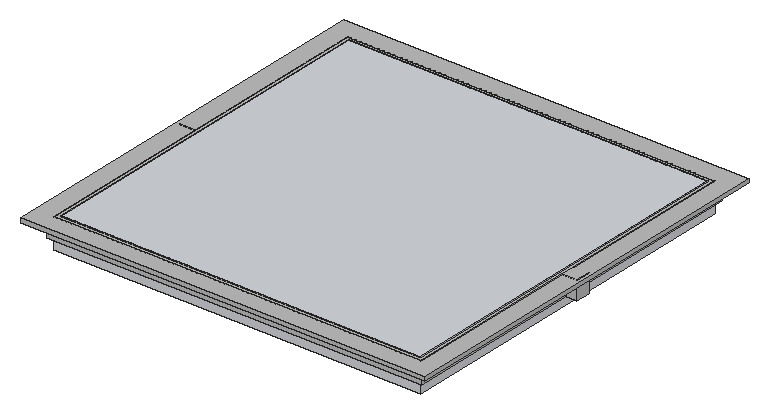
Revit family "Door_Access_Floor_Acudor_FT-8080-LiftOut", category Generic Models, host Face, Revit 2020
Family settings
  Host = Face
  Can host rebar = No
  Round Connector Dimension = Use Diameter
  Part Type = Normal
  Cut with Voids When Loaded = No
  Shared = No
  Room Calculation Point = No
Parameters (values of type "24 x 24 Nom for Tile or Concrete")
  halfswing = (Door Width / 2)  # 1' - 0 3/8"
  Warranty Duration (Years) = 0
  Unit Width = 2' - 0 3/4"
  Unit Weight = 36
  Unit Height = 2' - 0 3/4"
  Unit Depth = 0' - 2"
  URL = "http://www.acudor.com/"
  Test Data = ""
  Standards Conformance = "as Specified"
  Specification = ""
  SpecWizard = ""
  Send Message = ""
  Sales Information = "http://www.acudor.com/contactus"
  Revision = "R1_2017-03"
  Product Properties = ""
  Product Data = "http://www.arcat.com/arcatcos/cos30/arc30126.html"
  Overall Width = 2' - 3 1/4"
  Overall Height = 2' - 3 1/4"
  Opening Width = Unit Width  # 2' - 0 3/4"
  Opening Height = Unit Height  # 2' - 0 3/4"
  Opening Depth [instance] = 1' - 0"
  Model = "FT-8080-1"
  Manufacturer Website = "http://www.acudor.com/"
  Manufacturer Phone - Toll Free = "800-722-0501"
  Manufacturer Phone = "973-575-5120"
  Manufacturer Fax = "973-575-5160"
  Manufacturer Address = "80 Little Falls Rd.  Fairfield, NJ 07004"
  Manufacturer = "Acudor Products Inc"
  Maintenance Schedule (Months) = 0
  Keynote = ""
  Installation-Fabrication = ""
  Installation Phase = ""
  Green Building-LEED = "http://www.arcat.com/green/clients/leed_data_30126.html"
  Floor Material [instance] = none
  Fixture Finish [instance] = Metal - Acudor - Aluminum
  Expected Lifespan (Years) = 0
  Drawn By = "Sumex Design, Inc. / Robert S. Weygant, CSI, CDT, SCIP"
  Door Width = Overall Width - (0' 1 1/4" * 2)  # 2' - 0 3/4"
  Door Height = Overall Height - (0' 1 1/4" * 2)  # 2' - 0 3/4"
  Description = "Acudor Lift Out Floor Access Door for Tile or Concrete - FT8080-1 as Specified"
  Default Elevation = 0' - 0"  # constant formula
  Copyright = "©Arcat Inc."
  Construction Details = ""
  Clearance Material [instance] = ARCAT Clearance
  Clear Opening Width = 2' - 0"
  Clear Opening Height = 2' - 0"
  Capacity = "150 lbs/sqft"
  Available Options [instance] = "as Specified"
  Assembly Code = ""
Types (8): name | halfswing | Unit Width | Unit Weight | Unit Height | Overall Width | Overall Height | Opening Width | Opening Height | Model | Door Width | Door Height | Description | Clear Opening Width | Clear Opening Height
  24 x 24 Nom for Tile or Concrete | 1' - 0 3/8" | 2' - 0 3/4" | 36 | 2' - 0 3/4" | 2' - 3 1/4" | 2' - 3 1/4" | 2' - 0 3/4" | 2' - 0 3/4" | "FT-8080-1" | 2' - 0 3/4" | 2' - 0 3/4" | "Acudor Lift Out Floor Access Door for Tile or Concrete - FT8080-1 as Specified" | 2' - 0" | 2' - 0"
  18 x 18 Nom for Tile or Concrete | 0' - 9 3/8" | 1' - 6 3/4" | 18 | 1' - 6 3/4" | 1' - 9 1/4" | 1' - 9 1/4" | 1' - 6 3/4" | 1' - 6 3/4" | "FT-8080-1" | 1' - 6 3/4" | 1' - 6 3/4" | "Acudor Lift Out Floor Access Door for Tile or Concrete - FT8080-1 as Specified" | 1' - 6" | 1' - 6"
  12 x 12 Nom for Tile or Concrete | 0' - 6 3/8" | 1' - 0 3/4" | 9 | 1' - 0 3/4" | 1' - 3 1/4" | 1' - 3 1/4" | 1' - 0 3/4" | 1' - 0 3/4" | "FT-8080-1" | 1' - 0 3/4" | 1' - 0 3/4" | "Acudor Lift Out Floor Access Door for Tile or Concrete - FT8080-1 as Specified" | 1' - 0" | 1' - 0"
  8 x 8 Nom for Tile or Concrete | 0' - 4 3/8" | 0' - 8 3/4" | 6 | 0' - 8 3/4" | 0' - 11 1/4" | 0' - 11 1/4" | 0' - 8 3/4" | 0' - 8 3/4" | "FT-8080-1" | 0' - 8 3/4" | 0' - 8 3/4" | "Acudor Lift Out Floor Access Door for Tile or Concrete - FT8080-1 as Specified" | 0' - 8" | 0' - 8"
  24 x 24 Nom for Vinyl Tile or Carpet | 1' - 0 3/8" | 2' - 0 3/4" | 36 | 2' - 0 3/4" | 2' - 3 1/4" | 2' - 3 1/4" | 2' - 0 3/4" | 2' - 0 3/4" | "FT-8080" | 2' - 0 3/4" | 2' - 0 3/4" | "Acudor Lift Out Floor Access Door for Vinyl Tile or Carpet - FT8080 as Specified" | 2' - 0" | 2' - 0"
  18 x 18 Nom for Vinyl Tile or Carpet | 0' - 9 3/8" | 1' - 6 3/4" | 18 | 1' - 6 3/4" | 1' - 9 1/4" | 1' - 9 1/4" | 1' - 6 3/4" | 1' - 6 3/4" | "FT-8080" | 1' - 6 3/4" | 1' - 6 3/4" | "Acudor Lift Out Floor Access Door for Vinyl Tile or Carpet - FT8080 as Specified" | 1' - 6" | 1' - 6"
  12 x 12 Nom for Vinyl Tile or Carpet | 0' - 6 3/8" | 1' - 0 3/4" | 9 | 1' - 0 3/4" | 1' - 3 1/4" | 1' - 3 1/4" | 1' - 0 3/4" | 1' - 0 3/4" | "FT-8080" | 1' - 0 3/4" | 1' - 0 3/4" | "Acudor Lift Out Floor Access Door for Vinyl Tile or Carpet - FT8080 as Specified" | 1' - 0" | 1' - 0"
  8 x 8 Nom for Vinyl Tile or Carpet | 0' - 4 3/8" | 0' - 8 3/4" | 6 | 0' - 8 3/4" | 0' - 11 1/4" | 0' - 11 1/4" | 0' - 8 3/4" | 0' - 8 3/4" | "FT-8080" | 0' - 8 3/4" | 0' - 8 3/4" | "Acudor Lift Out Floor Access Door for Vinyl Tile or Carpet - FT8080 as Specified" | 0' - 8" | 0' - 8"
Reference planes (in)
  plane 1 "Center (Front/Back)": y = 1.28343
  plane 2: z = 0
  plane 3 "Center (Left/Right)": x = 0
  plane 4: y = 13.65843
  plane 5: y = -11.09157
  plane 6: x = -12.375
  plane 7: x = 12.375
  plane 8: z = 0
  plane 9: y = 14.90843
  plane 10: y = -12.34157
  plane 11: x = -13.625
  plane 12: x = 13.625
  plane 13: z = -2
  plane 14: x = -12.375
  plane 15: x = 12.375
  plane 16: y = 13.65843
  plane 17: y = -11.09157
  plane 18: z = -12
  plane 19: y = -11.09157
  plane 20: y = 13.65843
  plane 21: x = -12.375
  plane 22: x = 12.375
Forms (in)
  Extrusion 1, void
    sketch origin (0, 0, 0) x (1, 0, 0) y (0, 1, 0)
      loop
        line (-12.375, 13.65843) -> (-12.375, -11.09157) -> (12.375, -11.09157) -> (12.375, 13.65843) -> (-12.375, 13.65843)
    from -12 to 0
  Sweep 2, solid, material "Metal - Acudor - Aluminum" <- "Fixture Finish"
    path origin (0, 0, 0) x (1, 0, 0) y (0, 1, 0)
      loop
        line (-13.625, 14.90843) -> (-13.625, -12.34157) -> (13.625, -12.34157) -> (13.625, 14.90843) -> (-13.625, 14.90843)
    profile origin (0, 14.90843, 0) x (0, 1, 0) y (0, 0, 1)
      loop
        line (-1.25, 0) -> (-1.25, -1.25) -> (-1, -1.25) -> (-1, -0.25) -> (0, -0.25) -> (0, 0) -> (-1.25, 0)
  Extrusion 3, solid, material "Metal - Acudor - Aluminum" <- "Fixture Finish"
    sketch origin (0, 0, 0) x (1, 0, 0) y (0, 1, 0)
      loop
        line (-12.375, 13.65843) -> (-12.375, -11.09157) -> (12.375, -11.09157) -> (12.375, 13.65843) -> (-12.375, 13.65843)
      loop
        line (12.125, 13.40843) -> (-12.125, 13.40843) -> (-12.125, -10.84157) -> (12.125, -10.84157) -> (12.125, 13.40843)
    from 0 to -0.25
  Extrusion 4, solid, material "Metal - Acudor - Aluminum" <- "Fixture Finish"
    sketch origin (0, 0, 0) x (1, 0, 0) y (0, 1, 0)
      loop
        line (-12.125, 13.40843) -> (-12.125, -10.84157) -> (12.125, -10.84157) -> (12.125, 13.40843) -> (-12.125, 13.40843)
    from -0.85435 to -0.25
  Sweep 5, void
    path origin (0, 0, 0) x (1, 0, 0) y (0, 1, 0)
      loop
        line (-13.625, 14.90843) -> (-13.625, -12.34157) -> (13.625, -12.34157) -> (13.625, 14.90843) -> (-13.625, 14.90843)
    profile origin (0, 14.90843, 0) x (0, 1, 0) y (0, 0, 1)
      loop
        line (0, 0) -> (-1.25, 0) -> (-1.25, -1.25) -> (-1, -1.25) -> (-1, -0.25) -> (0, -0.25) -> (0, 0)
  Extrusion 6, solid, material <- "Floor Material"
    sketch origin (0, 0, 0) x (1, 0, 0) y (0, 1, 0)
      loop
        line (-12.125, 13.40843) -> (-12.125, -10.84157) -> (12.125, -10.84157) -> (12.125, 13.40843) -> (-12.125, 13.40843)
    from 0 to -0.25
  Extrusion 7, solid, material "Metal - Acudor - Aluminum" <- "Fixture Finish"
    sketch origin (0, 0, 0) x (1, 0, 0) y (0, 1, 0)
      loop
        line (-12.375, 0.78343) -> (-12.375, 1.78343) -> (-13.375, 1.78343) -> (-13.375, 0.78343) -> (-12.375, 0.78343)
      loop
        line (12.375, 0.78343) -> (13.375, 0.78343) -> (13.375, 1.78343) -> (12.375, 1.78343) -> (12.375, 0.78343)
    from -1.25 to 0
  Extrusion 8, solid
    sketch origin (0, 0, 0) x (1, 0, 0) y (0, 1, 0)
      loop
        line (-12.375, 13.65843) -> (-12.375, -11.09157) -> (12.375, -11.09157) -> (12.375, 13.65843) -> (-12.375, 13.65843)
      loop
        line (-12, -10.71657) -> (12, -10.71657) -> (12, 13.28343) -> (-12, 13.28343) -> (-12, -10.71657)
    from -0.85435 to -2
Cuts and joins
  joined: Extrusion 3, Extrusion 7
Dimensions and locks (in)
  locked: plane 8 to level
  equal spacing: plane 4, plane 1 "Center (Front/Back)", plane 5
  "Unit Height": plane 4 to plane 5
  equal spacing: plane 6, plane 3 "Center (Left/Right)", plane 7
  "Unit Width": plane 6 to plane 7
  equal spacing: plane 11, plane 3 "Center (Left/Right)", plane 12
  equal spacing: plane 9, plane 1 "Center (Front/Back)", plane 10
  "Overall Width": plane 11 to plane 12
  "Overall Height": plane 9 to plane 10
  "Unit Depth": plane 8 to plane 13
  equal spacing: plane 16, plane 1 "Center (Front/Back)", plane 17
  equal spacing: plane 14, plane 3 "Center (Left/Right)", plane 15
  "Opening Width": plane 14 to plane 15
  "Opening Height": plane 16 to plane 17
  "Opening Depth": level to plane 18
  locked: Extrusion 3 sketch curve to plane 10 at 1.25
  locked: plane 9 to Extrusion 3 sketch curve at 1.25
  locked: plane 11 to Extrusion 3 sketch curve at 1.25
  locked: Extrusion 3 sketch curve to plane 12 at 1.25
  locked: plane 9 to Extrusion 4 sketch curve at 1.5
  locked: Extrusion 4 sketch curve to plane 10 at 1.5
  locked: plane 11 to Extrusion 4 sketch curve at 1.5
  locked: Extrusion 4 sketch curve to plane 12 at 1.5
  locked: plane 11 to Extrusion 6 sketch curve at 1.5
  locked: Extrusion 6 sketch curve to plane 12 at 1.5
  locked: plane 9 to Extrusion 6 sketch curve at 1.5
  locked: Extrusion 6 sketch curve to plane 10 at 1.5
  locked: plane 19 to plane 10 at 1.25
  locked: plane 9 to plane 20 at 1.25
  locked: plane 11 to plane 21 at 1.25
  locked: plane 22 to plane 12 at 1.25
  plane 11 to Extrusion 7 sketch curve to Extrusion 7 sketch curve = 0' - 0 1/4" locked, 0' - 1" locked
  Extrusion 7 sketch curve to Extrusion 7 sketch curve to plane 12 = 0' - 1" locked, 0' - 0 1/4" locked
  locked: plane 9 to Extrusion 8 sketch curve at 1.625
  locked: Extrusion 8 sketch curve to plane 10 at 1.625
  locked: plane 11 to Extrusion 8 sketch curve at 1.625
  locked: Extrusion 8 sketch curve to plane 12 at 1.625
  aligned and locked: host face to plane 2
  aligned and locked: host face to level
  aligned and locked: Extrusion 1 sketch curve to plane 16
  aligned and locked: plane 14 to Extrusion 1 sketch curve
  aligned and locked: plane 17 to Extrusion 1 sketch curve
  aligned and locked: Extrusion 1 sketch curve to plane 15
  aligned and locked: Extrusion 1 to plane 18
  aligned and locked: plane 8 to Extrusion 1
  aligned and locked: Sweep 2 sketch curve to plane 9
  aligned and locked: plane 11 to Sweep 2 sketch curve
  aligned and locked: plane 10 to Sweep 2 sketch curve
  aligned and locked: Sweep 2 sketch curve to plane 12
  aligned and locked: plane 10 to Sweep 5 sketch curve
  aligned and locked: Sweep 5 sketch curve to plane 12
  aligned and locked: Extrusion 8 sketch curve to Sweep 2  (x3)
  aligned and locked: plane 6 to Extrusion 8 sketch curve
  aligned and locked: Extrusion 8 to plane 13
Automatic sketch dimensions
  host sketch curve to host sketch curve = 12' - 11.75605"
  host sketch curve to host sketch curve = 12' - 7.74281"
  Extrusion 3 sketch curve to plane 21 = 0' - 0 1/4"
  plane 22 to Extrusion 3 sketch curve = 0' - 0 1/4"
  Extrusion 3 sketch curve to plane 19 = 0' - 0 1/4"
  plane 20 to Extrusion 3 sketch curve = 0' - 0 1/4"
  Sweep 5 sketch curve to plane 11 = 0' - 0"
  Sweep 5 sketch curve to plane 9 = 0' - 0"
  Sweep 5 sketch curve to level = 0' - 0"
  Sweep 5 sketch curve to profile plane = 0' - 0"
  Sweep 5 sketch curve to level = 0' - 0 1/4"
  profile plane to Sweep 5 sketch curve = 0' - 1"
  Sweep 5 sketch curve to Sweep 5 sketch curve = 0' - 0 1/4"
  Sweep 5 sketch curve to Sweep 5 sketch curve = 0' - 1"
  Sweep 2 sketch curve to level = 0' - 0"
  Sweep 2 sketch curve to profile plane = 0' - 0"
  profile plane to Sweep 2 sketch curve = 0' - 1"
  Sweep 2 sketch curve to Sweep 2 sketch curve = 0' - 0 1/4"  (x2)
  Sweep 2 sketch curve to Sweep 2 sketch curve = 0' - 1"
  plane 1 "Center (Front/Back)" to Extrusion 7 sketch curve = 0' - 0 1/2"  (x2)
  Extrusion 7 sketch curve to plane 1 "Center (Front/Back)" = 0' - 0 1/2"  (x2)
